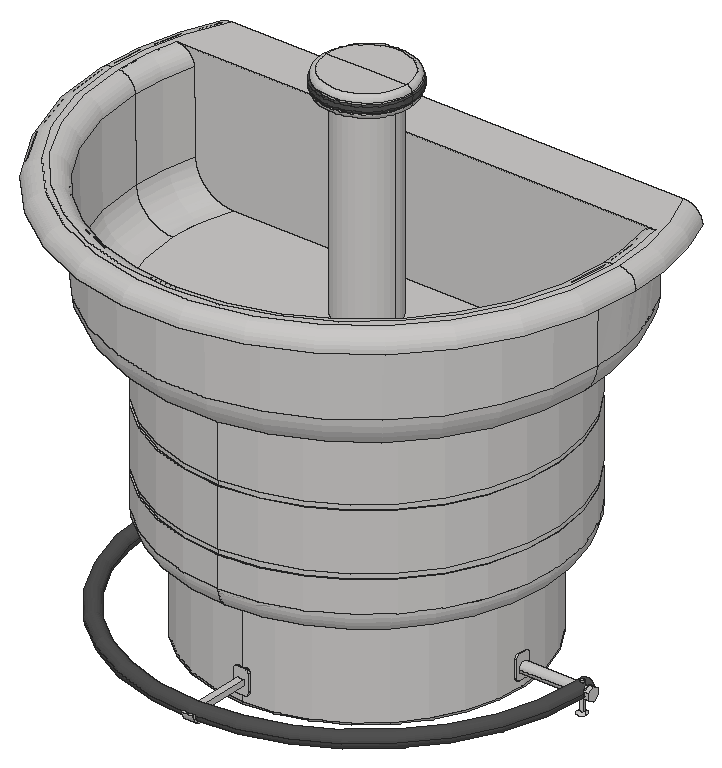
Revit family "Washfountain_Lavatory-Bradley_Corp-WF2703-Type_B_Drain", category Plumbing Fixtures, Revit 2012 (continued)
Lines and regions (in)
  symbolic lines, detail levels medium+fine
    curve 177: arc (-11.60696, -5.4365, 28) -> (-12.17933, -5.68512, 28) -> (-12.38828, -6.27314, 28) r 0.78315
    curve 178: arc (12.36654, -6.02898, 28) -> (12.08862, -5.60213, 28) -> (11.60696, -5.4365, 28) r 0.78315
    curve 179: line (-11.60696, -5.4365, 28) -> (11.60696, -5.4365, 28)
    curve 189: circle (0, -7.6967, 33.875) r 2.75 normal (0, 0, 1)
  symbolic lines, visible <- "Sensor Module"
    curve 41: line (-1.99987, -7.6967, 34.53462) -> (1.99987, -7.6967, 34.53462)
    curve 57: line (0, -5.6967, 34.53462) -> (0, -9.69657, 34.53462)
  symbolic lines, visible <- "Sensor Module", detail levels fine
    curve 42: line (-4.49987, -7.6967, 36.80962) -> (4.49987, -7.6967, 36.80962)
    curve 59: line (0, -3.1967, 36.80962) -> (0, -12.1967, 36.80962)
  symbolic lines, visible <- "Sensor Module", detail levels medium
    curve 43: line (-4.57537, -7.6967, 35.36012) -> (4.57537, -7.6967, 35.36012)
    curve 58: line (0, -3.12133, 35.36012) -> (0, -12.27207, 35.36012)
  symbolic lines, visible <- "Soap Dispenser", detail levels medium+fine
    curve 44: line (-6.13971, -7.6967, 41.37453) -> (6.13971, -7.6967, 41.37453)
    curve 60: line (0, -13.83546, 41.37453) -> (0, -5.4467, 41.37453)
    curve 185: line (-4.15684, -5.4467, 42.375) -> (-4.15684, -7.6967, 42.375)
    curve 186: arc (4.15684, -7.6967, 42.375) -> (0, -11.85353, 42.375) -> (-4.15684, -7.6967, 42.375) r 4.15684
    curve 187: line (4.15684, -5.4467, 42.375) -> (4.15684, -7.6967, 42.375)
  symbolic lines, visible <- "Soap Dispenser", detail levels fine
    curve 45: line (6.13971, -7.6967, 41.99971) -> (-6.13971, -7.6967, 41.99971)
    curve 46: line (-5.98301, -7.6967, 40.73265) -> (5.98301, -7.6967, 40.73265)
    curve 47: line (5.93039, -7.6967, 39.48265) -> (-5.93039, -7.6967, 39.48265)
    curve 48: line (-5.87777, -7.6967, 38.23265) -> (5.87777, -7.6967, 38.23265)
    curve 49: line (5.81, -7.6967, 36.98265) -> (-5.81, -7.6967, 36.98265)
    curve 61: line (0, -13.83546, 41.99971) -> (0, -5.4467, 41.99971)
    curve 62: line (0, -13.67876, 40.73265) -> (0, -5.4467, 40.73265)
    curve 63: line (0, -13.62614, 39.48265) -> (0, -5.4467, 39.48265)
    curve 64: line (0, -13.57352, 38.23265) -> (0, -5.4467, 38.23265)
    curve 65: line (0, -13.50574, 36.98265) -> (0, -5.4467, 36.98265)
  model lines, visible <- "Towel Dispenser", detail levels fine
    curve 79: spline (-9.02868, -6.55856, 48.62502) -> (-8.93498, -6.72086, 51.66615) -> (-8.66025, -7.1967, 54.50002) -> (-8.22323, -7.95365, 56.93353) -> (-7.65368, -8.94013, 58.80082) -> (-6.99044, -10.08891, 59.97465) -> (-6.27868, -11.3217, 60.37502) -> (-5.56693, -12.55449, 59.97465) -> (-4.90368, -13.70327, 58.80082) -> (-4.33414, -14.68975, 56.93353) -> (-3.89711, -15.4467, 54.50002) -> (-3.62239, -15.92254, 51.66615) -> (-3.52868, -16.08484, 48.62502)
    curve 80: spline (3.52868, -16.08484, 48.62502) -> (3.62239, -15.92254, 51.66615) -> (3.89711, -15.4467, 54.50002) -> (4.33414, -14.68975, 56.93353) -> (4.90368, -13.70327, 58.80082) -> (5.56693, -12.55449, 59.97465) -> (6.27868, -11.3217, 60.37502) -> (6.99044, -10.08891, 59.97465) -> (7.65368, -8.94013, 58.80082) -> (8.22323, -7.95365, 56.93353) -> (8.66025, -7.1967, 54.50002) -> (8.93498, -6.72086, 51.66615) -> (9.02868, -6.55856, 48.62502)
    curve 81: spline (4.50718, -14.39003, 51.22702) -> (4.52698, -14.35573, 51.2611) -> (4.54543, -14.32377, 51.361) -> (4.56128, -14.29633, 51.51992) -> (4.57344, -14.27528, 51.72702) -> (4.58108, -14.26204, 51.9682) -> (4.58368, -14.25752, 52.22702) -> (4.58108, -14.26204, 52.48584) -> (4.57344, -14.27528, 52.72702) -> (4.56128, -14.29633, 52.93413) -> (4.54543, -14.32377, 53.09305) -> (4.52698, -14.35573, 53.19295) -> (4.50718, -14.39003, 53.22702) -> (4.48738, -14.42432, 53.19295) -> (4.46893, -14.45628, 53.09305) -> (4.45309, -14.48372, 52.93413) -> (4.44093, -14.50478, 52.72702) -> (4.43329, -14.51801, 52.48584) -> (4.43068, -14.52253, 52.22702) -> (4.43329, -14.51801, 51.9682) -> (4.44093, -14.50478, 51.72702) -> (4.45309, -14.48372, 51.51992) -> (4.46893, -14.45628, 51.361) -> (4.48738, -14.42432, 51.2611) -> (4.50718, -14.39003, 51.22702)
    curve 82: spline (-8.05018, -8.25337, 51.22702) -> (-8.03038, -8.28766, 51.2611) -> (-8.01193, -8.31962, 51.361) -> (-7.99609, -8.34706, 51.51992) -> (-7.98393, -8.36812, 51.72702) -> (-7.97629, -8.38136, 51.9682) -> (-7.97368, -8.38587, 52.22702) -> (-7.97629, -8.38136, 52.48584) -> (-7.98393, -8.36812, 52.72702) -> (-7.99609, -8.34706, 52.93413) -> (-8.01193, -8.31962, 53.09305) -> (-8.03038, -8.28766, 53.19295) -> (-8.05018, -8.25337, 53.22702) -> (-8.06998, -8.21907, 53.19295) -> (-8.08843, -8.18712, 53.09305) -> (-8.10428, -8.15968, 52.93413) -> (-8.11644, -8.13862, 52.72702) -> (-8.12408, -8.12538, 52.48584) -> (-8.12668, -8.12087, 52.22702) -> (-8.12408, -8.12538, 51.9682) -> (-8.11644, -8.13862, 51.72702) -> (-8.10428, -8.15968, 51.51992) -> (-8.08843, -8.18712, 51.361) -> (-8.06998, -8.21907, 51.2611) -> (-8.05018, -8.25337, 51.22702)
  symbolic lines, visible <- "Towel Dispenser"
    curve 83: line (-2, -26.03001, 62.563) -> (2, -26.03001, 62.563)
    curve 84: line (-9.02868, -26.03001, 61.87567) -> (-3.52868, -26.03001, 61.87567)
    curve 85: line (-3.52868, -26.03001, 61.87567) -> (-0.06458, -26.03001, 62.563)
    curve 86: line (0.06458, -26.03001, 62.563) -> (3.52868, -26.03001, 61.87567)
    curve 87: line (3.52868, -26.03001, 61.87567) -> (9.02868, -26.03001, 61.87567)
    curve 88: line (3.52868, -26.03001, 61.87567) -> (3.52868, -26.03001, 48.62502)
    curve 89: line (3.52868, -26.03001, 48.62502) -> (9.02868, -26.03001, 48.62502)
    curve 90: line (3.52868, -26.03001, 48.62502) -> (1.58013, -26.03001, 47.25)
    curve 91: line (0.06458, -26.03001, 47.25) -> (0.06458, -26.03001, 62.563)
    curve 92: line (-0.06458, -26.03001, 62.563) -> (-0.06458, -26.03001, 47.25)
    curve 93: line (-9.02868, -26.03001, 48.62502) -> (-3.52868, -26.03001, 48.62502)
    curve 94: line (-3.52868, -26.03001, 48.62502) -> (-1.58013, -26.03001, 47.25)
    curve 95: line (-3.52868, -26.03001, 48.62502) -> (-3.52868, -26.03001, 61.87567)
    curve 108: line (0, -4.4467, 62.563) -> (0, -4.4467, 47.25)
    curve 109: line (0, -4.55856, 62.563) -> (0, -4.55856, 47.25)
    curve 110: line (0, -6.55856, 61.87567) -> (0, -4.55856, 62.563)
    curve 111: line (0, -6.55856, 48.62502) -> (0, -6.55856, 61.87567)
    curve 112: line (0, -6.55856, 61.87567) -> (0, -16.08484, 61.87567)
    curve 113: line (0, -5.6967, 62.563) -> (0, -9.6967, 62.563)
    curve 116: line (0, -5.43356, 47.25) -> (0, -6.55856, 48.62502)
    curve 117: line (0, -6.55856, 48.62502) -> (0, -16.08484, 48.62502)
    curve 123: line (-5.56458, 0, 62.563) -> (-5.56458, 0, 47.25)
    curve 124: line (5.56458, 0, 62.563) -> (5.56458, 0, 47.25)
    curve 125: line (-5.56458, 0, 61.87567) -> (5.56458, 0, 61.87567)
    curve 126: line (-5.56458, 0, 61.37567) -> (5.56458, 0, 61.37567)
    curve 127: line (-5.56458, 0, 48.8286) -> (5.56458, 0, 48.8286)
    curve 128: line (-5.56458, 0, 48.3286) -> (5.56458, 0, 48.3286)
    curve 129: line (-2, 0, 47.25) -> (-2, 0, 48.3286)
    curve 130: line (2.00013, 0, 47.25) -> (2.00013, 0, 48.3286)
    curve 131: line (2, 0, 48.8286) -> (2, 0, 61.37567)
    curve 132: line (2, 0, 61.87567) -> (2, 0, 62.563)
    curve 133: line (-2, 0, 62.563) -> (-2, 0, 61.87567)
    curve 134: line (-2, 0, 61.37567) -> (-2, 0, 48.8286)
    curve 135: line (-2, -26.03001, 47.25) -> (2.00013, -26.03001, 47.25)
    curve 181: line (-0.06458, -14.08484, 47.25) -> (-5.56458, -4.55856, 47.25)
    curve 182: line (5.56458, -4.55856, 47.25) -> (0.06458, -14.08484, 47.25)
    curve 184: circle (0, -7.6967, 47.25) r 2 normal (0, 0, 1)
  symbolic lines, visible <- "Towel Dispenser", detail levels fine
    curve 96: spline (-9.02868, -26.03001, 48.62502) -> (-8.93498, -26.03001, 51.66615) -> (-8.66025, -26.03001, 54.50002) -> (-8.22323, -26.03001, 56.93353) -> (-7.65368, -26.03001, 58.80082) -> (-6.99044, -26.03001, 59.97465) -> (-6.27868, -26.03001, 60.37502) -> (-5.56693, -26.03001, 59.97465) -> (-4.90368, -26.03001, 58.80082) -> (-4.33414, -26.03001, 56.93353) -> (-3.89711, -26.03001, 54.50002) -> (-3.62239, -26.03001, 51.66615) -> (-3.52868, -26.03001, 48.62502)
    curve 97: spline (3.52868, -26.03001, 48.62502) -> (3.62239, -26.03001, 51.66615) -> (3.89711, -26.03001, 54.50002) -> (4.33414, -26.03001, 56.93353) -> (4.90368, -26.03001, 58.80082) -> (5.56693, -26.03001, 59.97465) -> (6.27868, -26.03001, 60.37502) -> (6.99044, -26.03001, 59.97465) -> (7.65368, -26.03001, 58.80082) -> (8.22323, -26.03001, 56.93353) -> (8.66025, -26.03001, 54.50002) -> (8.93498, -26.03001, 51.66615) -> (9.02868, -26.03001, 48.62502)
    curve 98: spline (-8.05018, -26.03001, 51.22702) -> (-8.03038, -26.03001, 51.2611) -> (-8.01193, -26.03001, 51.361) -> (-7.99609, -26.03001, 51.51992) -> (-7.98393, -26.03001, 51.72702) -> (-7.97629, -26.03001, 51.9682) -> (-7.97368, -26.03001, 52.22702) -> (-7.97629, -26.03001, 52.48584) -> (-7.98393, -26.03001, 52.72702) -> (-7.99609, -26.03001, 52.93413) -> (-8.01193, -26.03001, 53.09305) -> (-8.03038, -26.03001, 53.19295) -> (-8.05018, -26.03001, 53.22702) -> (-8.06998, -26.03001, 53.19295) -> (-8.08843, -26.03001, 53.09305) -> (-8.10428, -26.03001, 52.93413) -> (-8.11644, -26.03001, 52.72702) -> (-8.12408, -26.03001, 52.48584) -> (-8.12668, -26.03001, 52.22702) -> (-8.12408, -26.03001, 51.9682) -> (-8.11644, -26.03001, 51.72702) -> (-8.10428, -26.03001, 51.51992) -> (-8.08843, -26.03001, 51.361) -> (-8.06998, -26.03001, 51.2611) -> (-8.05018, -26.03001, 51.22702)
    curve 99: spline (4.50718, -26.03001, 51.22702) -> (4.52698, -26.03001, 51.2611) -> (4.54543, -26.03001, 51.361) -> (4.56128, -26.03001, 51.51992) -> (4.57344, -26.03001, 51.72702) -> (4.58108, -26.03001, 51.9682) -> (4.58368, -26.03001, 52.22702) -> (4.58108, -26.03001, 52.48584) -> (4.57344, -26.03001, 52.72702) -> (4.56128, -26.03001, 52.93413) -> (4.54543, -26.03001, 53.09305) -> (4.52698, -26.03001, 53.19295) -> (4.50718, -26.03001, 53.22702) -> (4.48738, -26.03001, 53.19295) -> (4.46893, -26.03001, 53.09305) -> (4.45309, -26.03001, 52.93413) -> (4.44093, -26.03001, 52.72702) -> (4.43329, -26.03001, 52.48584) -> (4.43068, -26.03001, 52.22702) -> (4.43329, -26.03001, 51.9682) -> (4.44093, -26.03001, 51.72702) -> (4.45309, -26.03001, 51.51992) -> (4.46893, -26.03001, 51.361) -> (4.48738, -26.03001, 51.2611) -> (4.50718, -26.03001, 51.22702)
    curve 114: spline (0, -6.55856, 48.62502) -> (0, -6.72086, 51.66615) -> (0, -7.1967, 54.50002) -> (0, -7.95365, 56.93353) -> (0, -8.94013, 58.80082) -> (0, -10.08891, 59.97465) -> (0, -11.3217, 60.37502) -> (0, -12.55449, 59.97465) -> (0, -13.70327, 58.80082) -> (0, -14.68975, 56.93353) -> (0, -15.4467, 54.50002) -> (0, -15.92254, 51.66615) -> (0, -16.08484, 48.62502)
    curve 115: spline (0, -14.39003, 51.22702) -> (0, -14.35573, 51.2611) -> (0, -14.32377, 51.361) -> (0, -14.29633, 51.51992) -> (0, -14.27528, 51.72702) -> (0, -14.26204, 51.9682) -> (0, -14.25752, 52.22702) -> (0, -14.26204, 52.48584) -> (0, -14.27528, 52.72702) -> (0, -14.29633, 52.93413) -> (0, -14.32377, 53.09305) -> (0, -14.35573, 53.19295) -> (0, -14.39003, 53.22702) -> (0, -14.42432, 53.19295) -> (0, -14.45628, 53.09305) -> (0, -14.48372, 52.93413) -> (0, -14.50478, 52.72702) -> (0, -14.51801, 52.48584) -> (0, -14.52253, 52.22702) -> (0, -14.51801, 51.9682) -> (0, -14.50478, 51.72702) -> (0, -14.48372, 51.51992) -> (0, -14.45628, 51.361) -> (0, -14.42432, 51.2611) -> (0, -14.39003, 51.22702)
  symbolic lines, visible <- "Towel Dispenser", detail levels medium+fine
    curve 100: line (-7.85863, -26.03001, 48.3286) -> (-3.85863, -26.03001, 48.3286)
    curve 101: spline (-3.85863, -26.03001, 48.3286) -> (-3.74268, -26.03001, 48.31528) -> (-3.59687, -26.03001, 48.27621) -> (-3.43113, -26.03001, 48.21406) -> (-3.25676, -26.03001, 48.13306) -> (-3.08563, -26.03001, 48.03873) -> (-2.92941, -26.03001, 47.93751) -> (-2.79874, -26.03001, 47.83629) -> (-2.70254, -26.03001, 47.74197) -> (-2.64735, -26.03001, 47.66097) -> (-2.63694, -26.03001, 47.59882) -> (-2.67201, -26.03001, 47.55975) -> (-2.75019, -26.03001, 47.54642)
    curve 102: line (-2.75019, -26.03001, 47.54642) -> (-6.75019, -26.03001, 47.54642)
    curve 103: spline (-6.75019, -26.03001, 47.54642) -> (-6.86613, -26.03001, 47.55975) -> (-7.01194, -26.03001, 47.59882) -> (-7.17768, -26.03001, 47.66097) -> (-7.35206, -26.03001, 47.74197) -> (-7.52319, -26.03001, 47.83629) -> (-7.67941, -26.03001, 47.93751) -> (-7.81007, -26.03001, 48.03873) -> (-7.90628, -26.03001, 48.13306) -> (-7.96146, -26.03001, 48.21406) -> (-7.97187, -26.03001, 48.27621) -> (-7.9368, -26.03001, 48.31528) -> (-7.85863, -26.03001, 48.3286)
    curve 104: line (7.85863, -26.03001, 48.3286) -> (3.85863, -26.03001, 48.3286)
    curve 105: spline (3.85863, -26.03001, 48.3286) -> (3.74268, -26.03001, 48.31528) -> (3.59687, -26.03001, 48.27621) -> (3.43113, -26.03001, 48.21406) -> (3.25676, -26.03001, 48.13306) -> (3.08563, -26.03001, 48.03873) -> (2.92941, -26.03001, 47.93751) -> (2.79874, -26.03001, 47.83629) -> (2.70254, -26.03001, 47.74197) -> (2.64735, -26.03001, 47.66097) -> (2.63694, -26.03001, 47.59882) -> (2.67201, -26.03001, 47.55975) -> (2.75019, -26.03001, 47.54642)
    curve 106: line (2.75019, -26.03001, 47.54642) -> (6.75019, -26.03001, 47.54642)
    curve 107: spline (6.75019, -26.03001, 47.54642) -> (6.86613, -26.03001, 47.55975) -> (7.01194, -26.03001, 47.59882) -> (7.17768, -26.03001, 47.66097) -> (7.35206, -26.03001, 47.74197) -> (7.52319, -26.03001, 47.83629) -> (7.67941, -26.03001, 47.93751) -> (7.81007, -26.03001, 48.03873) -> (7.90628, -26.03001, 48.13306) -> (7.96146, -26.03001, 48.21406) -> (7.97187, -26.03001, 48.27621) -> (7.9368, -26.03001, 48.31528) -> (7.85863, -26.03001, 48.3286)
    curve 118: spline (0, -7.61507, 48.3286) -> (0, -7.43606, 48.31528) -> (0, -7.24745, 48.27621) -> (0, -7.06208, 48.21406) -> (0, -6.89258, 48.13306) -> (0, -6.75052, 48.03873) -> (0, -6.64558, 47.93751) -> (0, -6.58489, 47.83629) -> (0, -6.57261, 47.74197) -> (0, -6.60956, 47.66097) -> (0, -6.69323, 47.59882) -> (0, -6.81791, 47.55975) -> (0, -6.97512, 47.54642)
    curve 119: line (0, -6.97512, 47.54642) -> (0, -13.90332, 47.54642)
    curve 120: spline (0, -13.90332, 47.54642) -> (0, -14.08233, 47.55975) -> (0, -14.27095, 47.59882) -> (0, -14.45632, 47.66097) -> (0, -14.62581, 47.74197) -> (0, -14.76787, 47.83629) -> (0, -14.87282, 47.93751) -> (0, -14.9335, 48.03873) -> (0, -14.94579, 48.13306) -> (0, -14.90884, 48.21406) -> (0, -14.82517, 48.27621) -> (0, -14.70048, 48.31528) -> (0, -14.54328, 48.3286)
    curve 121: line (0, -14.54328, 48.3286) -> (0, -7.61507, 48.3286)
    curve 180: line (-7.08013, -5.43356, 47.25) -> (-1.58013, -14.95984, 47.25)
    curve 183: line (1.58013, -14.95984, 47.25) -> (7.08013, -5.43356, 47.25)
  model lines, detail levels medium+fine
    curve 137: circle (4, -7.6967, 19.06097) r 1.25 normal (0, 0, 1)
    curve 193: circle (4, -7.6967, 19.12) r 1.25 normal (0, 0, 1)
  symbolic lines, visible <- "Foot Control Valve", detail levels fine
    curve 155: line (0, -7.5767, 0.1445) -> (0, -7.8167, 0.1445)
    curve 156: circle (0, -7.75001, 1.425) r 0.36122 normal (1, 0, 0)
    curve 157: line (0, -7.5767, 1.99999) -> (0, -7.8167, 1.99999)
    curve 158: line (0, -7.8167, 1.99999) -> (0, -7.8167, 1.9244)
    curve 159: line (0, -7.5767, 1.99999) -> (0, -7.5767, 1.9244)
    curve 160: line (0, -7.5767, 0.67154) -> (0, -7.5767, 0.92558)
    curve 161: line (0, -7.8167, 0.67154) -> (0, -7.8167, 0.92558)
    curve 164: line (-15.01563, 0, 1.7965) -> (-15.01563, 0, 1.0535)
    curve 165: line (-15.32813, 0, 1.63949) -> (-15.01563, 0, 1.63949)
    curve 166: line (-15.32813, 0, 1.21051) -> (-15.01563, 0, 1.21051)
    curve 167: line (-14.69813, 0, 0.1445) -> (-14.45813, 0, 0.1445)
    curve 168: line (15.04349, 0, 1.63948) -> (15.37923, 0, 1.63948)
    curve 169: line (15.04349, 0, 1.79649) -> (15.04349, 0, 1.05349)
    curve 170: line (15.04349, 0, 1.21051) -> (15.37923, 0, 1.21051)
    curve 171: line (14.45813, 0, 0.1445) -> (14.69813, 0, 0.1445)
    curve 190: line (-0.40046, -27.53001, 0.92558) -> (-0.40046, -27.53001, 0.82558)
    curve 191: line (-0.40046, -27.53001, 0.82558) -> (0.4, -27.53001, 0.82558)
    curve 192: line (0.4, -27.53001, 0.82558) -> (0.4, -27.53001, 0.92558)
  symbolic lines, visible <- "Foot Control Valve", detail levels coarse+medium
    curve 162: line (-0.40046, -26.03001, 0.92558) -> (0.4, -26.03001, 0.92558)
  symbolic lines, visible <- "Sensor Module", detail levels medium+fine
    curve 188: circle (0, -7.6967, 37.375) r 3.75 normal (0, 0, 1)
  symbolic lines, visible <- "Button Visibility"
    curve 196: circle (0, -27.53001, 36.08487) r 0.5 normal (0, -1, 0)
Dimensions and locks (in)
  equal spacing: plane 4 "Left", plane 3 "Center (Left/Right)", plane 5 "Right"
  "Width": plane 4 "Left" to plane 5 "Right"
  "Towel Dispenser Height": plane 6 "Towel Dispenser" to plane 2
  "Soap Dispenser Height": plane 7 "Soap Dispenser" to plane 2
  "Sensor Module Height": plane 8 "Sensor Module" to plane 2
  "Spray Head Height": plane 9 "Spray Head" to plane 2
  "Rim Height": plane 10 "Rim Height" to plane 2
  "Pedestal Height": plane 11 "Pedestal Height" to plane 2
  locked: plane 9 "Spray Head" to Revolve 7 sketch curve at 1.38963
  locked: plane 9 "Spray Head" to Revolve 8 sketch curve at 1.38963
  locked: plane 9 "Spray Head" to Masking region 1 sketch curve at 1.38963  (x2)
  locked: plane 9 "Spray Head" to Masking region 2 sketch curve at 1.38963  (x2)
  locked: plane 8 "Sensor Module" to Revolve 9 sketch curve at 2.84038
  locked: plane 8 "Sensor Module" to Revolve 10 sketch curve at 2.84038
  locked: plane 8 "Sensor Module" to Masking region 3 sketch curve at 2.84038  (x2)
  locked: plane 8 "Sensor Module" to Masking region 4 sketch curve at 2.84038  (x2)
  locked: plane 7 "Soap Dispenser" to plane 13 at 6
  locked: plane 8 "Sensor Module" to Masking region 10 sketch curve at 2.84038  (x2)
  locked: plane 8 "Sensor Module" to Masking region 9 sketch curve at 2.84038  (x2)
  locked: plane 14 "Front" to plane 1 "Center (Front/Back)" at 26.03001
  locked: curve 76 to Extrusion 16 sketch curve at 15.313
  locked: curve 76 to Extrusion 16 sketch curve at 15.16279
  locked: Extrusion 16 sketch curve to curve 76 at 4
  locked: Extrusion 16 sketch curve to Extrusion 16 sketch curve at 1.37502
  locked: curve 77 to Extrusion 17 sketch curve at 4
  locked: curve 77 to Extrusion 17 sketch curve at 15.313
  locked: curve 77 to Extrusion 17 sketch curve at 15.16279
  locked: Extrusion 17 sketch curve to Extrusion 17 sketch curve at 1.37502
  locked: Extrusion 19 to Extrusion 16 at 1
  "Towel Dispenser Holder": plane 6 "Towel Dispenser" to Extrusion 19
  "Soap Dispenser Holder": plane 13 to Extrusion 20
  "Towel Dispenser Holder": plane 6 "Towel Dispenser" to Masking region 21
  "Soap Dispenser Holder": plane 13 to Masking region 22
  "Towel Dispenser Holder": plane 6 "Towel Dispenser" to Masking region 24
  "Soap Dispenser Holder": Masking region 23 to plane 13
  locked: Extrusion 36 sketch curve to plane 1 "Center (Front/Back)" at 7.75
  locked: Extrusion 36 to plane 2 at 3
  locked: plane 1 "Center (Front/Back)" to Extrusion 37 at 3
  "Supply Height": Extrusion 35 to plane 2
  locked: Extrusion 36 sketch curve to plane 3 "Center (Left/Right)" at 4
  locked: plane 7 "Soap Dispenser" to Revolve 12 sketch curve at 1.00047
  locked: plane 7 "Soap Dispenser" to Extrusion 14 sketch curve at 1.00047
  locked: plane 7 "Soap Dispenser" to Revolve 39 sketch curve at 1.00047
  locked: plane 7 "Soap Dispenser" to Extrusion 40 sketch curve at 1.00047
  locked: plane 8 "Sensor Module" to Extrusion 41 sketch curve at 1.29013
  locked: plane 8 "Sensor Module" to Extrusion 42 sketch curve at 1.29013
  locked: plane 8 "Sensor Module" to curve 196 at 1.29013
  Extrusion 35 sketch curve to plane 3 "Center (Left/Right)" to Extrusion 35 sketch curve = 0.875" locked, 0.875" locked
  locked: Extrusion 35 sketch curve to plane 1 "Center (Front/Back)" at 6.5  (x2)
  radius of Extrusion 19 sketch curve = 2.000"
  radius of Extrusion 20 sketch curve = 2.000"
  "Vent Radius": radius of Extrusion 35 sketch curve
  "Drain Radius": radius of Extrusion 36 sketch curve
  "Hot Lavatory Inlet Radius": radius of Extrusion 35 sketch curve
  "Cold Lavatory Inlet Radius": radius of Extrusion 35 sketch curve
  aligned and locked: Extrusion 2 sketch curve to plane 1 "Center (Front/Back)"
  aligned and locked: Extrusion 2 to plane 2
  aligned and locked: plane 9 "Spray Head" to Extrusion 2
  aligned and locked: plane 12 to Revolve 4 sketch curve
  aligned and locked: plane 12 to Revolve 5 sketch curve
  aligned and locked: plane 12 to Revolve 6 sketch curve
  aligned and locked: Revolve 7 sketch curve to plane 3 "Center (Left/Right)"
  aligned and locked: Revolve 8 sketch curve to plane 3 "Center (Left/Right)"
  aligned and locked: plane 11 "Pedestal Height" to Revolve 7 sketch curve
  aligned and locked: Revolve 7 sketch curve to plane 9 "Spray Head"
  aligned and locked: Revolve 8 sketch curve to plane 11 "Pedestal Height"
  aligned and locked: Masking region 1 sketch curve to plane 10 "Rim Height"
  aligned and locked: Masking region 2 sketch curve to plane 10 "Rim Height"
  aligned and locked: Masking region 2 sketch curve to plane 9 "Spray Head"
  aligned and locked: Revolve 9 sketch curve to plane 8 "Sensor Module"
  aligned and locked: Revolve 9 sketch curve to plane 9 "Spray Head"
  aligned and locked: Revolve 9 sketch curve to plane 3 "Center (Left/Right)"
  aligned and locked: Revolve 10 sketch curve to plane 3 "Center (Left/Right)"
  aligned and locked: Revolve 10 sketch curve to plane 9 "Spray Head"
  aligned and locked: Masking region 3 sketch curve to plane 9 "Spray Head"
  aligned and locked: Masking region 4 sketch curve to plane 9 "Spray Head"
  aligned and locked: Masking region 4 sketch curve to plane 8 "Sensor Module"
  aligned and locked: Revolve 11 sketch curve to plane 7 "Soap Dispenser"
  aligned and locked: plane 13 to Revolve 11 sketch curve
  aligned and locked: Revolve 11 sketch curve to plane 3 "Center (Left/Right)"
  aligned and locked: Revolve 12 sketch curve to plane 3 "Center (Left/Right)"
  aligned and locked: Masking region 5 sketch curve to plane 7 "Soap Dispenser"
  aligned and locked: Masking region 5 sketch curve to plane 13
  aligned and locked: Masking region 6 sketch curve to plane 7 "Soap Dispenser"
  aligned and locked: plane 13 to Masking region 6 sketch curve
  aligned and locked: Extrusion 13 sketch curve to plane 7 "Soap Dispenser"
  aligned and locked: plane 13 to Extrusion 13 sketch curve
  aligned and locked: plane 13 to Extrusion 14 sketch curve
  aligned and locked: plane 9 "Spray Head" to Masking region 9 sketch curve
  aligned and locked: Masking region 9 sketch curve to plane 8 "Sensor Module"
  aligned and locked: Masking region 10 sketch curve to plane 8 "Sensor Module"
  aligned and locked: Masking region 10 sketch curve to plane 9 "Spray Head"
  aligned and locked: Masking region 11 sketch curve to plane 10 "Rim Height"
  aligned and locked: Masking region 11 sketch curve to plane 9 "Spray Head"
  aligned and locked: Masking region 12 sketch curve to plane 10 "Rim Height"
  aligned and locked: Masking region 15 sketch curve to plane 11 "Pedestal Height"
  aligned and locked: Masking region 15 sketch curve to plane 2
  aligned and locked: Masking region 16 sketch curve to plane 11 "Pedestal Height"
  aligned and locked: Masking region 16 sketch curve to plane 2
  aligned and locked: Masking region 17 sketch curve to plane 10 "Rim Height"
  aligned and locked: Masking region 17 sketch curve to plane 11 "Pedestal Height"
  aligned and locked: Masking region 18 sketch curve to plane 10 "Rim Height"
  aligned and locked: plane 11 "Pedestal Height" to Masking region 18 sketch curve
  aligned and locked: Masking region 19 sketch curve to plane 11 "Pedestal Height"
  aligned and locked: plane 2 to Masking region 19 sketch curve
  aligned and locked: Masking region 20 sketch curve to plane 11 "Pedestal Height"
  aligned and locked: plane 2 to Masking region 20 sketch curve
  aligned and locked: plane 12 to Extrusion 15 sketch curve
  aligned and locked: plane 3 "Center (Left/Right)" to Extrusion 15 sketch curve
  aligned and locked: plane 12 to Extrusion 18 sketch curve
  aligned and locked: plane 3 "Center (Left/Right)" to Extrusion 18 sketch curve
  aligned and locked: plane 12 to Extrusion 19 sketch curve
  aligned and locked: plane 3 "Center (Left/Right)" to Extrusion 19 sketch curve
  aligned and locked: plane 12 to Extrusion 20 sketch curve
  aligned and locked: plane 3 "Center (Left/Right)" to Extrusion 20 sketch curve
  aligned and locked: Extrusion 20 to plane 13
  aligned and locked: plane 6 "Towel Dispenser" to Masking region 21
  aligned and locked: Masking region 22 to plane 13
  aligned and locked: plane 13 to Masking region 23
  aligned and locked: Masking region 24 to plane 6 "Towel Dispenser"
  aligned and locked: Extrusion 22 to plane 11 "Pedestal Height"
  aligned and locked: plane 2 to Blend 30
  aligned and locked: Blend 29 to plane 2
  aligned and locked: Blend 30 to Extrusion 28
  aligned and locked: plane 12 to Masking region 32 sketch curve
  aligned and locked: plane 3 "Center (Left/Right)" to Masking region 32 sketch curve
  aligned and locked: plane 3 "Center (Left/Right)" to curve 184
  aligned and locked: plane 12 to curve 184
  aligned and locked: plane 3 "Center (Left/Right)" to Masking region 35 sketch curve
  aligned and locked: plane 12 to Masking region 35 sketch curve
  aligned and locked: plane 12 to curve 188
  aligned and locked: plane 3 "Center (Left/Right)" to curve 188
  aligned and locked: plane 12 to Masking region 36 sketch curve
  aligned and locked: plane 3 "Center (Left/Right)" to Masking region 36 sketch curve
  aligned and locked: plane 12 to curve 189
  aligned and locked: plane 3 "Center (Left/Right)" to curve 189
  aligned and locked: Extrusion 35 to plane 2
  aligned and locked: Extrusion 36 to plane 2
  aligned and locked: Extrusion 37 to plane 1 "Center (Front/Back)"
  aligned and locked: plane 3 "Center (Left/Right)" to Extrusion 35 sketch curve
  aligned and locked: plane 12 to Extrusion 35 sketch curve
  aligned and locked: Revolve 39 sketch curve to plane 3 "Center (Left/Right)"
  aligned and locked: plane 3 "Center (Left/Right)" to Extrusion 41 sketch curve
  aligned and locked: plane 3 "Center (Left/Right)" to Extrusion 42 sketch curve
  aligned and locked: Extrusion 41 to Masking region 9
  aligned and locked: Masking region 9 to Extrusion 42
  aligned and locked: Extrusion 42 to Masking region 10
  aligned and locked: Masking region 10 to Masking region 38 sketch curve
  aligned and locked: Masking region 38 sketch curve to Masking region 9
  aligned and locked: Sweep 1 sketch curve to plane 11 "Pedestal Height"
  aligned and locked: plane 11 "Pedestal Height" to Sweep 3 sketch curve
  aligned and locked: Masking region 15 sketch curve to cut or joined group of Extrusion 2, Revolve 4  (x5)
  aligned and locked: cut or joined group of Extrusion 2, Revolve 4 to Masking region 15 sketch curve  (x3)
  aligned and locked: cut or joined group of Extrusion 2, Revolve 4 to curve 29
  aligned and locked: cut or joined group of Extrusion 2, Revolve 4 to curve 27
  aligned and locked: cut or joined group of Extrusion 2, Revolve 4 to curve 32
  aligned and locked: cut or joined group of Extrusion 2, Revolve 4 to curve 30
  aligned and locked: cut or joined group of Extrusion 2, Revolve 4 to Masking region 20 sketch curve  (x3)
  aligned and locked: Masking region 20 sketch curve to cut or joined group of Extrusion 2, Revolve 4
  aligned and locked: cut or joined group of Extrusion 2, Revolve 4 to cut or joined group of Extrusion 2, Revolve 4  (x4)
  aligned and locked: curve 33 to cut or joined group of Extrusion 2, Sweep 3, Extrusion 22, Extrusion 43
  aligned and locked: cut or joined group of Extrusion 2, Sweep 3, Extrusion 22, Extrusion 43 to curve 24
Automatic sketch dimensions
  curve 163 to plane 3 "Center (Left/Right)" = 1.500"
  plane 3 "Center (Left/Right)" to curve 163 = 1.500"
  curve 163 to plane 14 "Front" = 1.500"
  curve 1 to plane 1 "Center (Front/Back)" = 0.000"
  curve 2 to plane 3 "Center (Left/Right)" = 0.000"
  plane 3 "Center (Left/Right)" to curve 1 = 3.000"
  curve 1 to plane 3 "Center (Left/Right)" = 3.000"
  curve 2 to plane 1 "Center (Front/Back)" = 3.000"
  plane 1 "Center (Front/Back)" to curve 2 = 3.000"
  curve 3 to plane 12 = 0.000"
  curve 4 to plane 3 "Center (Left/Right)" = 0.000"
  plane 3 "Center (Left/Right)" to curve 3 = 3.000"
  curve 3 to plane 3 "Center (Left/Right)" = 3.000"
  plane 12 to curve 4 = 3.000"
  curve 4 to plane 12 = 3.000"
  curve 7 to plane 12 = 0.000"
  curve 8 to plane 3 "Center (Left/Right)" = 0.000"
  plane 3 "Center (Left/Right)" to curve 7 = 3.000"
  curve 7 to plane 3 "Center (Left/Right)" = 3.000"
  plane 12 to curve 8 = 3.000"
  curve 8 to plane 12 = 3.000"
  curve 122 to plane 1 "Center (Front/Back)" = 0.000"
  curve 9 to plane 12 = 0.000"
  curve 136 to plane 14 "Front" = 0.000"
  curve 10 to plane 3 "Center (Left/Right)" = 0.000"
  plane 3 "Center (Left/Right)" to curve 77 = 0.06458"
  plane 3 "Center (Left/Right)" to curve 136 = 3.000"
  plane 3 "Center (Left/Right)" to curve 9 = 3.000"
  plane 3 "Center (Left/Right)" to curve 122 = 3.000"
  curve 78 to curve 9 = 2.500"
  curve 77 to curve 78 = 0.06458"
  curve 76 to plane 3 "Center (Left/Right)" = 0.06458"
  curve 122 to plane 3 "Center (Left/Right)" = 3.000"
  curve 9 to plane 3 "Center (Left/Right)" = 3.000"
  curve 136 to plane 3 "Center (Left/Right)" = 3.000"
  curve 9 to curve 78 = 2.500"
  curve 78 to curve 76 = 0.06458"
  plane 12 to curve 78 = 3.250"
  curve 78 to curve 76 = 0.11186"
  curve 78 to curve 77 = 0.11186"
  plane 12 to curve 10 = 3.000"
  curve 10 to plane 12 = 3.000"
  curve 10 to curve 76 = 3.38814"
  curve 77 to curve 76 = 0.000"
  curve 12 to plane 1 "Center (Front/Back)" = 0.000"
  curve 11 to plane 3 "Center (Left/Right)" = 0.000"
  plane 3 "Center (Left/Right)" to curve 12 = 3.000"
  curve 12 to plane 3 "Center (Left/Right)" = 3.000"
  curve 11 to plane 1 "Center (Front/Back)" = 3.000"
  plane 1 "Center (Front/Back)" to curve 11 = 3.000"
  curve 138 to curve 139 = 0.000"
  curve 138 to curve 140 = 0.000"  (x2)
  curve 139 to curve 140 = 0.000"
  curve 145 to plane 12 = 0.000"
  curve 140 to plane 12 = 0.000"
  curve 141 to plane 12 = 0.000"
  curve 13 to plane 3 "Center (Left/Right)" = 0.000"
  plane 3 "Center (Left/Right)" to curve 141 = 3.12229"
  curve 148 to curve 141 = 0.25708"
  curve 142 to curve 141 = 0.25708"
  curve 138 to curve 142 = 0.62063"
  curve 143 to curve 142 = 0.62063"
  curve 147 to curve 148 = 0.62063"
  curve 146 to curve 147 = 0.62063"
  curve 144 to curve 143 = 0.62063"
  curve 145 to curve 144 = 0.25708"
  plane 12 to curve 144 = 0.62063"
  plane 12 to curve 142 = 0.62063"
  curve 143 to curve 142 = 0.25708"
  curve 13 to plane 12 = 0.0533"
  curve 148 to plane 12 = 0.62063"
  curve 146 to plane 12 = 0.62063"
  curve 148 to curve 147 = 0.25708"
  Extrusion 2 sketch curve to plane 5 "Right" = 0.000"
  Extrusion 2 sketch curve to plane 4 "Left" = 0.000"
  Extrusion 2 sketch curve to plane 1 "Center (Front/Back)" = 14.000"
  Revolve 4 sketch curve to plane 11 "Pedestal Height" = 0.000"
  Revolve 4 sketch curve to plane 12 = 0.000"
  plane 14 "Front" to Revolve 4 sketch curve = 7.31091"
  plane 14 "Front" to Revolve 4 sketch curve = 5.86393"
  Revolve 4 sketch curve to Revolve 4 sketch curve = 1.45168"
  Revolve 4 sketch curve to Revolve 4 sketch curve = 0.08393"  (x2)
  Revolve 4 sketch curve to Revolve 4 sketch curve = 1.53091"
  Revolve 4 sketch curve to plane 11 "Pedestal Height" = 4.46462"
  Revolve 4 sketch curve to Revolve 4 sketch curve = 0.375"  (x2)
  Revolve 4 sketch curve to Revolve 4 sketch curve = 3.8125"
  Revolve 4 sketch curve to Revolve 4 sketch curve = 2.08309"
  Revolve 4 sketch curve to level = 3.07853"
  plane 11 "Pedestal Height" to Revolve 4 sketch curve = 3.47247"
  Revolve 5 sketch curve to plane 11 "Pedestal Height" = 0.000"
  Revolve 5 sketch curve to plane 12 = 0.000"
  plane 14 "Front" to Revolve 5 sketch curve = 5.780"
  level to Revolve 5 sketch curve = 6.35887"
  Revolve 5 sketch curve to level = 1.551"
  plane 11 "Pedestal Height" to Revolve 5 sketch curve = 3.000"
  Revolve 6 sketch curve to level = 0.000"
  Revolve 6 sketch curve to plane 12 = 0.000"
  plane 14 "Front" to Revolve 6 sketch curve = 8.05596"
  Revolve 6 sketch curve to Revolve 6 sketch curve = 0.07241"
  Revolve 6 sketch curve to Revolve 6 sketch curve = 0.1416"
  Revolve 6 sketch curve to Revolve 6 sketch curve = 3.2954"
  Revolve 6 sketch curve to Revolve 6 sketch curve = 5.90435"
  level to Revolve 6 sketch curve = 6.35887"
  Revolve 6 sketch curve to Revolve 6 sketch curve = 5.09572"
  Revolve 7 sketch curve to Revolve 7 sketch curve = 0.000"  (x3)
  curve 3 to Revolve 7 sketch curve = 1.00013"
  curve 3 to Revolve 7 sketch curve = 0.31013"  (x2)
  Revolve 7 sketch curve to curve 3 = 0.03112"  (x2)
  Revolve 7 sketch curve to curve 3 = 0.03487"  (x3)
  Revolve 7 sketch curve to Revolve 7 sketch curve = 0.09375"
  Revolve 7 sketch curve to Revolve 7 sketch curve = 1.74493"
  Revolve 7 sketch curve to curve 3 = 0.94456"
  Revolve 7 sketch curve to curve 3 = 0.53838"
  Revolve 7 sketch curve to Revolve 7 sketch curve = 0.00037"
  Revolve 7 sketch curve to curve 3 = 0.38012"
  curve 3 to Revolve 8 sketch curve = 1.00013"
  curve 3 to Revolve 8 sketch curve = 0.31085"
  Revolve 8 sketch curve to curve 3 = 0.00012"
  curve 3 to Revolve 8 sketch curve = 0.31013"
  Revolve 8 sketch curve to curve 3 = 0.12487"
  Revolve 8 sketch curve to Revolve 8 sketch curve = 0.000"
  curve 3 to Revolve 8 sketch curve = 1.84143"
  Revolve 8 sketch curve to curve 3 = 0.94456"
  Revolve 8 sketch curve to curve 3 = 0.44471"
  Revolve 8 sketch curve to Revolve 8 sketch curve = 0.40845"
  Masking region 1 sketch curve to curve 3 = 0.000"
  Masking region 1 sketch curve to curve 3 = 0.12487"
  Masking region 1 sketch curve to curve 3 = 0.03487"  (x2)
  Masking region 1 sketch curve to Masking region 1 sketch curve = 0.000"  (x5)
  Masking region 1 sketch curve to curve 3 = 0.03112"  (x2)
  curve 3 to Masking region 1 sketch curve = 0.31013"  (x2)
  Masking region 1 sketch curve to Masking region 1 sketch curve = 0.690"
  Masking region 1 sketch curve to curve 3 = 0.99987"
  Masking region 1 sketch curve to curve 3 = 0.31013"  (x2)
  curve 3 to Masking region 1 sketch curve = 0.03112"  (x2)
  curve 3 to Masking region 1 sketch curve = 0.03487"  (x3)
  Masking region 1 sketch curve to Masking region 1 sketch curve = 0.09375"
  Masking region 1 sketch curve to curve 3 = 0.94456"  (x2)
  Masking region 1 sketch curve to curve 3 = 0.53838"  (x2)
  Masking region 1 sketch curve to Masking region 1 sketch curve = 0.00037"  (x2)
  Masking region 2 sketch curve to curve 3 = 0.12487"
  curve 3 to Masking region 2 sketch curve = 0.31001"
  curve 3 to Masking region 2 sketch curve = 0.31085"
  Masking region 2 sketch curve to Masking region 2 sketch curve = 0.68928"
  Masking region 2 sketch curve to curve 3 = 0.99987"
  Masking region 2 sketch curve to curve 3 = 0.31085"
  Masking region 2 sketch curve to curve 3 = 0.31001"
  curve 3 to Masking region 2 sketch curve = 0.12487"
  Masking region 2 sketch curve to curve 3 = 0.94456"  (x2)
  Masking region 2 sketch curve to curve 3 = 0.44471"  (x2)
  Revolve 9 sketch curve to Revolve 9 sketch curve = 0.000"
  curve 5 to Revolve 9 sketch curve = 1.00013"
  curve 5 to Revolve 9 sketch curve = 0.90513"
  Revolve 9 sketch curve to curve 5 = 0.64632"
  Revolve 9 sketch curve to Revolve 9 sketch curve = 0.17651"  (x2)
  Revolve 9 sketch curve to Revolve 9 sketch curve = 0.60355"  (x2)
  curve 5 to Revolve 9 sketch curve = 0.34075"
  Revolve 9 sketch curve to curve 5 = 1.44037"
  Revolve 9 sketch curve to Revolve 9 sketch curve = 0.0128"
  curve 5 to Revolve 9 sketch curve = 0.2063"
  Revolve 9 sketch curve to Revolve 9 sketch curve = 0.00295"
  Revolve 9 sketch curve to Revolve 9 sketch curve = 0.0595"
  Revolve 9 sketch curve to Revolve 9 sketch curve = 0.0755"
  Revolve 9 sketch curve to Revolve 9 sketch curve = 2.90339"
  Revolve 9 sketch curve to Revolve 9 sketch curve = 0.07296"
  Revolve 9 sketch curve to Revolve 9 sketch curve = 0.22463"
  Revolve 9 sketch curve to curve 5 = 1.72461"
  Revolve 10 sketch curve to curve 5 = 0.000"
  Revolve 10 sketch curve to Revolve 10 sketch curve = 0.000"
  curve 5 to Revolve 10 sketch curve = 1.00013"
  Revolve 10 sketch curve to curve 5 = 0.74987"
  Revolve 10 sketch curve to Revolve 10 sketch curve = 0.8255"  (x2)
  Revolve 10 sketch curve to Revolve 10 sketch curve = 2.95513"
  Revolve 10 sketch curve to curve 5 = 1.42287"
  Masking region 3 sketch curve to curve 5 = 0.000"
  Masking region 3 sketch curve to curve 5 = 1.57537"
  Masking region 3 sketch curve to curve 5 = 0.74987"
  curve 5 to Masking region 3 sketch curve = 1.00013"
  Masking region 3 sketch curve to curve 5 = 1.00013"
  curve 5 to Masking region 3 sketch curve = 0.74987"
  curve 5 to Masking region 3 sketch curve = 1.57537"
  Masking region 3 sketch curve to Masking region 3 sketch curve = 0.8255"  (x2)
  Masking region 4 sketch curve to curve 5 = 1.57537"
  Masking region 4 sketch curve to Masking region 4 sketch curve = 0.0755"
  curve 5 to Masking region 4 sketch curve = 0.2063"  (x2)
  Masking region 4 sketch curve to Masking region 4 sketch curve = 0.11925"
  Masking region 4 sketch curve to Masking region 4 sketch curve = 0.00295"  (x2)
  Masking region 4 sketch curve to Masking region 4 sketch curve = 0.135"  (x2)
  Masking region 4 sketch curve to Masking region 4 sketch curve = 0.07349"  (x2)
  Masking region 4 sketch curve to Masking region 4 sketch curve = 0.17651"  (x4)
  Masking region 4 sketch curve to curve 5 = 0.82283"
  curve 5 to Masking region 4 sketch curve = 0.90513"
  curve 5 to Masking region 4 sketch curve = 1.00013"
  Masking region 4 sketch curve to curve 5 = 1.00013"
  Masking region 4 sketch curve to curve 5 = 0.90513"
  curve 5 to Masking region 4 sketch curve = 0.64632"
  Masking region 4 sketch curve to Masking region 4 sketch curve = 0.60355"  (x3)
  curve 5 to Masking region 4 sketch curve = 0.34075"
  curve 5 to Masking region 4 sketch curve = 1.44037"
  Masking region 4 sketch curve to Masking region 4 sketch curve = 0.0128"
  Masking region 4 sketch curve to Masking region 4 sketch curve = 0.07296"  (x2)
  Masking region 4 sketch curve to Masking region 4 sketch curve = 0.22463"
  Masking region 4 sketch curve to Masking region 4 sketch curve = 0.35908"
  Masking region 4 sketch curve to Masking region 4 sketch curve = 0.13445"
  Revolve 11 sketch curve to Revolve 11 sketch curve = 0.000"
  Revolve 11 sketch curve to curve 7 = 0.76826"
  Revolve 11 sketch curve to curve 7 = 1.15684"
  Revolve 11 sketch curve to Revolve 11 sketch curve = 2.04174"
  Revolve 11 sketch curve to Revolve 11 sketch curve = 0.06777"
  Revolve 11 sketch curve to Revolve 11 sketch curve = 0.05262"  (x2)
  Revolve 11 sketch curve to Revolve 11 sketch curve = 0.03107"
  Revolve 11 sketch curve to Revolve 11 sketch curve = 0.12563"
  Revolve 11 sketch curve to curve 7 = 7.47908"
  Revolve 11 sketch curve to Revolve 11 sketch curve = 1.50843"
  Revolve 11 sketch curve to Revolve 11 sketch curve = 0.60765"
  Revolve 11 sketch curve to Revolve 11 sketch curve = 1.250"  (x3)
  Revolve 11 sketch curve to Revolve 11 sketch curve = 0.62518"
  Revolve 11 sketch curve to curve 7 = 1.74157"
  curve 7 to Revolve 12 sketch curve = 3.000"
  Revolve 12 sketch curve to curve 7 = 2.810"
  Revolve 12 sketch curve to curve 7 = 3.13971"
  Revolve 12 sketch curve to curve 7 = 6.000"
  Revolve 12 sketch curve to curve 7 = 9.53673"
  Revolve 12 sketch curve to curve 7 = 2.96327"
  Masking region 5 sketch curve to curve 7 = 3.20569"
  Masking region 5 sketch curve to curve 7 = 2.810"
  curve 7 to Masking region 5 sketch curve = 2.810"
  curve 7 to Masking region 5 sketch curve = 3.20569"
  curve 7 to Masking region 6 sketch curve = 0.37529"
  Masking region 6 sketch curve to curve 7 = 3.13971"
  Masking region 6 sketch curve to Masking region 6 sketch curve = 0.12563"  (x2)
  Masking region 6 sketch curve to Masking region 6 sketch curve = 0.03107"  (x2)
  Masking region 6 sketch curve to Masking region 6 sketch curve = 0.05262"  (x4)
  Masking region 6 sketch curve to Masking region 6 sketch curve = 0.06777"  (x2)
  Masking region 6 sketch curve to curve 7 = 1.15684"
  Masking region 6 sketch curve to curve 7 = 0.76826"
  curve 7 to Masking region 6 sketch curve = 0.76826"
  curve 7 to Masking region 6 sketch curve = 1.15684"
  Masking region 6 sketch curve to Masking region 6 sketch curve = 2.04174"
  Masking region 6 sketch curve to curve 7 = 7.47908"
  Masking region 6 sketch curve to Masking region 6 sketch curve = 0.60765"  (x2)
  Masking region 6 sketch curve to Masking region 6 sketch curve = 1.250"  (x6)
  Masking region 6 sketch curve to Masking region 6 sketch curve = 0.62518"  (x2)
  curve 7 to Extrusion 13 sketch curve = 0.37529"
  Extrusion 13 sketch curve to curve 7 = 3.13971"
  Extrusion 13 sketch curve to Extrusion 13 sketch curve = 0.12563"  (x2)
  Extrusion 13 sketch curve to Extrusion 13 sketch curve = 0.03107"  (x2)
  Extrusion 13 sketch curve to Extrusion 13 sketch curve = 0.05262"  (x4)
  Extrusion 13 sketch curve to Extrusion 13 sketch curve = 0.06777"  (x2)
  Extrusion 13 sketch curve to curve 7 = 1.15684"
  Extrusion 13 sketch curve to curve 7 = 0.76826"
  curve 7 to Extrusion 13 sketch curve = 0.76826"
  curve 7 to Extrusion 13 sketch curve = 1.15684"
  Extrusion 13 sketch curve to Extrusion 13 sketch curve = 2.04174"
  Extrusion 13 sketch curve to curve 7 = 7.47908"
  Extrusion 13 sketch curve to Extrusion 13 sketch curve = 0.60765"  (x2)
  Extrusion 13 sketch curve to Extrusion 13 sketch curve = 1.250"  (x6)
  Extrusion 13 sketch curve to Extrusion 13 sketch curve = 0.62518"  (x2)
  Extrusion 14 sketch curve to curve 7 = 3.13971"
  Extrusion 14 sketch curve to curve 7 = 2.810"
  curve 7 to Extrusion 14 sketch curve = 2.810"
  curve 7 to Extrusion 14 sketch curve = 3.13971"
  Masking region 7 sketch curve to curve 8 = 0.000"
  curve 8 to Masking region 7 sketch curve = 0.750"
  curve 8 to Masking region 7 sketch curve = 0.76731"
  curve 8 to Masking region 7 sketch curve = 1.15589"
  Masking region 7 sketch curve to Masking region 7 sketch curve = 2.04174"
  Masking region 7 sketch curve to Masking region 7 sketch curve = 0.06777"
  Masking region 7 sketch curve to Masking region 7 sketch curve = 0.05262"  (x2)
  Masking region 7 sketch curve to Masking region 7 sketch curve = 0.03107"
  Masking region 7 sketch curve to Masking region 7 sketch curve = 0.12563"
  curve 8 to Masking region 7 sketch curve = 0.37529"
  Masking region 7 sketch curve to Masking region 7 sketch curve = 0.62518"
  Masking region 7 sketch curve to Masking region 7 sketch curve = 0.64189"
  Masking region 7 sketch curve to Masking region 7 sketch curve = 1.250"  (x3)
  Masking region 7 sketch curve to Masking region 7 sketch curve = 0.60765"
  Masking region 8 sketch curve to curve 8 = 0.000"
  curve 8 to Masking region 8 sketch curve = 0.750"
  curve 8 to Masking region 8 sketch curve = 2.80905"
  curve 8 to Masking region 8 sketch curve = 3.20569"
  Masking region 8 sketch curve to curve 8 = 6.000"
  Masking region 9 sketch curve to curve 6 = 1.57537"
  Masking region 9 sketch curve to curve 6 = 0.74987"
  curve 6 to Masking region 9 sketch curve = 1.000"
  Masking region 9 sketch curve to curve 6 = 1.00013"
  curve 6 to Masking region 9 sketch curve = 0.74987"
  curve 6 to Masking region 9 sketch curve = 1.57537"
  Masking region 9 sketch curve to Masking region 9 sketch curve = 0.8255"  (x2)
  Masking region 10 sketch curve to curve 6 = 1.5755"
  Masking region 10 sketch curve to Masking region 10 sketch curve = 0.0755"
  curve 6 to Masking region 10 sketch curve = 0.2063"  (x2)
  Masking region 10 sketch curve to Masking region 10 sketch curve = 0.11925"
  Masking region 10 sketch curve to Masking region 10 sketch curve = 0.00295"  (x2)
  Masking region 10 sketch curve to Masking region 10 sketch curve = 0.135"  (x2)
  Masking region 10 sketch curve to Masking region 10 sketch curve = 0.07349"  (x2)
  Masking region 10 sketch curve to Masking region 10 sketch curve = 0.250"
  Masking region 10 sketch curve to curve 6 = 0.82296"
  Masking region 10 sketch curve to Masking region 10 sketch curve = 0.17651"  (x3)
  curve 6 to Masking region 10 sketch curve = 0.905"
  curve 6 to Masking region 10 sketch curve = 1.000"
  Masking region 10 sketch curve to curve 6 = 1.00013"
  Masking region 10 sketch curve to curve 6 = 0.905"
  curve 6 to Masking region 10 sketch curve = 0.64645"
  Masking region 10 sketch curve to Masking region 10 sketch curve = 0.60355"  (x3)
  curve 6 to Masking region 10 sketch curve = 0.34075"
  curve 6 to Masking region 10 sketch curve = 1.4405"
  Masking region 10 sketch curve to Masking region 10 sketch curve = 0.0128"
  Masking region 10 sketch curve to Masking region 10 sketch curve = 0.07296"  (x2)
  Masking region 10 sketch curve to Masking region 10 sketch curve = 0.22463"
  Masking region 10 sketch curve to Masking region 10 sketch curve = 0.35908"
  Masking region 10 sketch curve to Masking region 10 sketch curve = 0.13445"
  Masking region 11 sketch curve to plane 9 "Spray Head" = 0.44471"  (x2)
  Masking region 11 sketch curve to plane 12 = 3.12487"
  Masking region 11 sketch curve to Masking region 11 sketch curve = 0.43488"
  Masking region 11 sketch curve to Masking region 11 sketch curve = 0.43572"  (x2)
  Masking region 11 sketch curve to Masking region 11 sketch curve = 0.68915"  (x2)
  plane 12 to Masking region 11 sketch curve = 2.000"
  Masking region 11 sketch curve to Masking region 11 sketch curve = 0.000"
  Masking region 11 sketch curve to Masking region 11 sketch curve = 0.00084"
  Masking region 11 sketch curve to plane 9 "Spray Head" = 0.94456"
  Masking region 11 sketch curve to Masking region 11 sketch curve = 0.94493"
  Masking region 11 sketch curve to Masking region 11 sketch curve = 0.44508"
  Masking region 11 sketch curve to Masking region 11 sketch curve = 0.49985"
  Masking region 12 sketch curve to curve 4 = 0.000"
  Masking region 12 sketch curve to curve 4 = 0.12487"
  Masking region 12 sketch curve to curve 4 = 0.03487"  (x2)
  Masking region 12 sketch curve to Masking region 12 sketch curve = 0.000"  (x4)
  Masking region 12 sketch curve to curve 4 = 0.03112"  (x2)
  curve 4 to Masking region 12 sketch curve = 0.31013"  (x2)
  Masking region 12 sketch curve to Masking region 12 sketch curve = 0.690"
  Masking region 12 sketch curve to curve 4 = 1.000"
  Masking region 12 sketch curve to curve 4 = 0.31013"
  Masking region 12 sketch curve to curve 4 = 0.30971"
  curve 4 to Masking region 12 sketch curve = 0.03112"  (x2)
  curve 4 to Masking region 12 sketch curve = 0.03487"  (x3)
  Masking region 12 sketch curve to Masking region 12 sketch curve = 0.00041"
  Masking region 12 sketch curve to Masking region 12 sketch curve = 0.09375"
  Masking region 12 sketch curve to curve 4 = 1.38963"  (x2)
  Masking region 12 sketch curve to curve 4 = 0.94456"  (x2)
  Masking region 12 sketch curve to curve 4 = 0.53838"  (x2)
  Masking region 12 sketch curve to Masking region 12 sketch curve = 0.00037"  (x2)
  Masking region 15 sketch curve to curve 7 = 9.55331"
  Masking region 15 sketch curve to Masking region 15 sketch curve = 0.000"  (x2)
  Masking region 15 sketch curve to Masking region 15 sketch curve = 0.07923"  (x3)
  Masking region 15 sketch curve to Masking region 15 sketch curve = 0.08393"  (x2)
  Masking region 15 sketch curve to Masking region 15 sketch curve = 1.53091"
  Masking region 15 sketch curve to Masking region 15 sketch curve = 0.53104"  (x2)
  Masking region 15 sketch curve to Masking region 15 sketch curve = 0.13464"
  Masking region 15 sketch curve to Masking region 15 sketch curve = 0.02169"  (x2)
  Masking region 15 sketch curve to Masking region 15 sketch curve = 0.21401"  (x2)
  curve 7 to Masking region 15 sketch curve = 7.27736"
  Masking region 15 sketch curve to Masking region 15 sketch curve = 0.05768"
  Masking region 15 sketch curve to Masking region 15 sketch curve = 1.44698"
  Masking region 15 sketch curve to Masking region 15 sketch curve = 1.45168"
  Masking region 15 sketch curve to Masking region 15 sketch curve = 0.31292"  (x2)
  Masking region 15 sketch curve to Masking region 15 sketch curve = 2.08309"  (x2)
  Masking region 16 sketch curve to curve 7 = 9.55331"
  Masking region 16 sketch curve to Masking region 16 sketch curve = 2.06195"
  curve 7 to Masking region 16 sketch curve = 7.49137"
  curve 7 to Masking region 16 sketch curve = 9.55331"
  Masking region 16 sketch curve to Masking region 16 sketch curve = 6.35888"
  Masking region 16 sketch curve to Masking region 16 sketch curve = 6.35887"
  Masking region 19 sketch curve to plane 1 "Center (Front/Back)" = 0.000"
  plane 14 "Front" to Masking region 19 sketch curve = 7.84195"
  plane 14 "Front" to Masking region 19 sketch curve = 5.780"
  level to Masking region 19 sketch curve = 6.35888"
  Masking region 20 sketch curve to plane 1 "Center (Front/Back)" = 0.000"
  plane 14 "Front" to Masking region 20 sketch curve = 8.05596"
  Masking region 20 sketch curve to Masking region 20 sketch curve = 0.07009"
  Masking region 20 sketch curve to Masking region 20 sketch curve = 0.14393"
  Masking region 20 sketch curve to Masking region 20 sketch curve = 0.53104"
  plane 14 "Front" to Masking region 20 sketch curve = 5.86393"
  Masking region 20 sketch curve to Masking region 20 sketch curve = 1.45168"
  Masking region 20 sketch curve to Masking region 20 sketch curve = 1.53091"
  Masking region 20 sketch curve to Masking region 20 sketch curve = 0.07923"
  Masking region 20 sketch curve to Masking region 20 sketch curve = 0.08393"
  level to Masking region 20 sketch curve = 0.144"
  Masking region 20 sketch curve to Masking region 20 sketch curve = 0.31292"
  Masking region 20 sketch curve to Masking region 20 sketch curve = 2.08309"
  curve 35 to curve 3 = 0.12487"
  curve 40 to curve 3 = 0.12487"
  curve 35 to curve 3 = 0.03487"
  curve 39 to curve 3 = 0.03487"
  curve 3 to curve 34 = 1.00013"
  curve 34 to curve 3 = 0.99987"
  curve 3 to curve 38 = 0.03487"
  curve 3 to curve 36 = 0.03487"
  curve 36 to curve 37 = 0.090"
  curve 38 to curve 38 = 0.090"
  curve 34 to curve 3 = 1.38963"
  curve 35 to curve 3 = 0.94456"
  curve 38 to curve 3 = 0.44471"
  curve 51 to curve 4 = 0.12487"
  curve 56 to curve 4 = 0.12487"
  curve 51 to curve 4 = 0.03487"
  curve 55 to curve 4 = 0.03487"
  curve 4 to curve 50 = 1.000"
  curve 50 to curve 4 = 1.000"
  curve 4 to curve 52 = 0.02737"
  curve 4 to curve 55 = 0.03487"
  curve 52 to curve 53 = 0.0975"
  curve 54 to curve 54 = 0.090"
  curve 50 to curve 4 = 1.38963"
  curve 51 to curve 4 = 0.94456"
  curve 54 to curve 4 = 0.44471"
  curve 58 to curve 6 = 1.57537"
  curve 6 to curve 59 = 0.56538"
  curve 58 to curve 59 = 0.07537"
  curve 6 to curve 57 = 1.000"
  curve 57 to curve 6 = 1.00013"
  curve 6 to curve 59 = 1.500"
  curve 59 to curve 58 = 0.07537"
  curve 58 to curve 59 = 1.4495"
  curve 57 to curve 6 = 2.84038"
  curve 8 to curve 65 = 0.750"
  curve 8 to curve 60 = 0.750"
  curve 8 to curve 63 = 0.750"
  curve 61 to curve 60 = 0.000"  (x2)
  curve 8 to curve 64 = 0.750"
  curve 62 to curve 60 = 0.000"
  curve 8 to curve 65 = 2.80905"
  curve 65 to curve 64 = 0.06777"
  curve 64 to curve 63 = 0.05262"
  curve 63 to curve 62 = 0.05262"
  curve 62 to curve 60 = 0.1567"
  curve 65 to curve 8 = 5.39235"
  curve 65 to curve 64 = 1.250"
  curve 63 to curve 8 = 2.89235"
  curve 63 to curve 62 = 1.250"
  curve 62 to curve 60 = 0.64189"
  curve 8 to curve 61 = 0.37529"
  plane 3 "Center (Left/Right)" to Extrusion 15 sketch curve = 0.06458"
  plane 3 "Center (Left/Right)" to Extrusion 15 sketch curve = 5.500"
  Extrusion 15 sketch curve to Extrusion 15 sketch curve = 0.06458"  (x2)
  Extrusion 15 sketch curve to plane 3 "Center (Left/Right)" = 0.06458"
  Extrusion 15 sketch curve to plane 3 "Center (Left/Right)" = 5.500"
  plane 12 to Extrusion 15 sketch curve = 3.13814"  (x2)
  Extrusion 15 sketch curve to Extrusion 15 sketch curve = 0.11186"
  Extrusion 15 sketch curve to plane 12 = 6.38814"
  Extrusion 16 sketch curve to plane 6 "Towel Dispenser" = 0.000"
  Extrusion 16 sketch curve to Extrusion 16 sketch curve = 2.250"
  Extrusion 16 sketch curve to Extrusion 16 sketch curve = 4.000"
  Extrusion 17 sketch curve to plane 6 "Towel Dispenser" = 0.000"
  Extrusion 17 sketch curve to Extrusion 17 sketch curve = 2.250"
  Extrusion 17 sketch curve to Extrusion 17 sketch curve = 4.000"
  plane 3 "Center (Left/Right)" to Extrusion 18 sketch curve = 0.06458"
  plane 3 "Center (Left/Right)" to Extrusion 18 sketch curve = 5.500"
  Extrusion 18 sketch curve to Extrusion 18 sketch curve = 0.06458"  (x2)
  Extrusion 18 sketch curve to plane 3 "Center (Left/Right)" = 0.06458"
  Extrusion 18 sketch curve to plane 3 "Center (Left/Right)" = 5.500"
  plane 12 to Extrusion 18 sketch curve = 3.13814"  (x2)
  Extrusion 18 sketch curve to Extrusion 18 sketch curve = 0.11186"
  Extrusion 18 sketch curve to plane 12 = 6.38814"
  Split face 1 sketch curve to Extrusion 16 = 0.56845"
  Split face 1 sketch curve to Split face 1 sketch curve = 0.750"
  Split face 1 sketch curve to Extrusion 16 = 1.500"  (x2)
  Split face 2 sketch curve to Extrusion 17 = 0.56845"
  Split face 2 sketch curve to Split face 2 sketch curve = 0.750"
  Split face 2 sketch curve to Extrusion 17 = 1.500"  (x2)
  curve 79 to Extrusion 16 = 0.000"  (x3)
  curve 82 to Extrusion 16 = 2.602"
  curve 82 to curve 82 = 1.000"
  Extrusion 16 to curve 82 = 1.957"
  curve 80 to Extrusion 17 = 0.000"  (x3)
  curve 81 to Extrusion 17 = 2.602"
  curve 81 to curve 81 = 1.000"
  Extrusion 17 to curve 81 = 1.957"
  curve 7 to Masking region 21 sketch curve = 8.500"
  curve 7 to Masking region 21 sketch curve = 1.000"
  Masking region 21 sketch curve to curve 7 = 0.99987"
  curve 7 to Masking region 21 sketch curve = 4.875"
  curve 7 to Masking region 22 sketch curve = 1.000"
  Masking region 22 sketch curve to curve 7 = 0.99987"
  Masking region 22 sketch curve to curve 7 = 8.500"
  Masking region 22 sketch curve to curve 7 = 6.000"
  plane 9 "Spray Head" to Masking region 23 sketch curve = 0.000"
  Masking region 23 sketch curve to plane 13 = 0.000"
  Masking region 23 sketch curve to plane 12 = 2.000"
  plane 12 to Masking region 23 sketch curve = 2.000"
  Masking region 24 sketch curve to plane 6 "Towel Dispenser" = 0.000"
  Masking region 24 sketch curve to plane 7 "Soap Dispenser" = 8.500"
  Masking region 24 sketch curve to plane 12 = 2.000"
  plane 12 to Masking region 24 sketch curve = 2.000"
  Masking region 25 sketch curve to curve 10 = 0.000"
  Masking region 25 sketch curve to curve 10 = 4.250"
  Masking region 25 sketch curve to curve 10 = 2.000"
  Masking region 25 sketch curve to curve 10 = 0.250"
  curve 10 to Masking region 25 sketch curve = 1.000"
  Masking region 25 sketch curve to curve 10 = 1.000"
  curve 10 to Masking region 25 sketch curve = 3.38814"
  curve 10 to Masking region 25 sketch curve = 4.26314"
  Masking region 25 sketch curve to curve 10 = 1.37502"  (x2)
  Masking region 25 sketch curve to Masking region 25 sketch curve = 1.125"
  curve 10 to Masking region 25 sketch curve = 14.62567"  (x2)
  Masking region 25 sketch curve to Masking region 25 sketch curve = 0.68733"
  curve 10 to Masking region 25 sketch curve = 15.313"
  Masking region 25 sketch curve to Masking region 25 sketch curve = 1.000"
  Masking region 26 sketch curve to curve 9 = 0.000"
  Masking region 26 sketch curve to curve 9 = 1.37502"  (x2)
  Masking region 26 sketch curve to curve 9 = 6.02868"
  Masking region 26 sketch curve to Masking region 26 sketch curve = 1.94856"
  Masking region 26 sketch curve to curve 9 = 2.56458"
  curve 9 to Masking region 26 sketch curve = 1.000"  (x2)
  Masking region 26 sketch curve to curve 9 = 1.000"
  Masking region 26 sketch curve to curve 9 = 0.99987"
  curve 9 to Masking region 26 sketch curve = 2.56458"
  curve 9 to Masking region 26 sketch curve = 4.08013"
  Masking region 26 sketch curve to Masking region 26 sketch curve = 3.4641"
  curve 9 to Masking region 26 sketch curve = 14.62567"  (x2)
  curve 9 to Masking region 26 sketch curve = 15.313"  (x2)
  curve 9 to Masking region 26 sketch curve = 16.313"
  curve 108 to curve 10 = 0.000"
  curve 109 to curve 10 = 0.000"
  curve 116 to curve 10 = 0.000"
  curve 108 to curve 10 = 0.250"
  curve 108 to curve 109 = 0.11186"
  curve 10 to curve 116 = 0.73686"
  curve 10 to curve 113 = 1.000"
  curve 113 to curve 111 = 0.86186"
  curve 111 to curve 118 = 0.01928"
  curve 118 to curve 118 = 0.39728"
  curve 118 to curve 118 = 0.31998"
  curve 118 to curve 121 = 0.31998"
  curve 113 to curve 10 = 1.000"
  curve 10 to curve 114 = 0.625"
  curve 120 to curve 10 = 0.29642"
